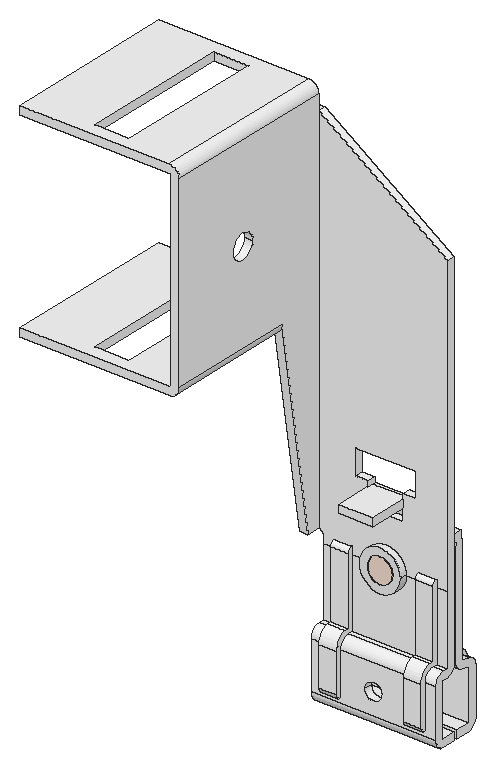
Revit family "CTハンガーH=58アキ右", category 機械設備, Revit 2020
Family settings
  丸型コネクタ寸法 = 直径を使用
  種別 = なし
  パーツ タイプ = 標準
  作業面ベース = いいえ
  常に垂直 = はい
  ロード時にボイドで切り取り = いいえ
  共有 = いいえ
  部屋計算ポイント = いいえ
Parameters
  製造元 = "株式会社桐井製作所"
  既定の高さ = 0 mm
  URL = "https://www.kirii.co.jp/"
  K_材質 = "溶融亜鉛めっき鋼板及び鋼帯 SGCC 一般用"
  K_品名 = "CTハンガーH＝58アキ右"
  K_名称 = "CTハンガー"
  K_入数 = "120"
  K_備考 = "対象Tバー：eT4025、eAT4025"
  K_バージョン情報 = "20220915"
  K_めっき付着量 = "Z12"
  K_JIS規格 = "JIS G 3302"
Reference planes
  plane 1 "中心(正面/背面)": y = 0
  plane 2: z = 0
  plane 3 "中心(左/右)": x = 0
Forms (mm)
  Extrusion 1, void
    sketch origin (0, 2.8, 0) x (-1, 0, 0) y (0, 0, -1)
      loop
        line (-6, -31.356) -> (6, -31.356) -> (6, -26.343) -> (3.5, -26.343) -> (3.5, -21.356) -> (-3.5, -21.356) -> (-3.5, -26.343) -> (-6, -26.343) -> (-6, -31.356)
    from 1.2 to 2.8
  Extrusion 2, void
    sketch origin (0, 1.2, 0) x (1, 0, 0) y (0, 0, -1)
      loop
        arc (-13.5, -14.356) -> (-12.793, -14.063) -> (-12.5, -13.356) r 1
        line (-12.5, -13.356) -> (-12.5, 15.644) -> (-15.1, 15.644) -> (-15.1, -14.356) -> (-13.5, -14.356)
    from -4.2 to 5.8
  Extrusion 3, solid, material "05吊り材"
    sketch origin (0, 0.4, 0) x (0, -1, 0) y (0, 0, 1)
      loop
        line (1.8, -3.544) -> (1.8, -14.044) -> (-1.2, -14.044) -> (-1.2, -15.644) -> (1.4, -15.644)
        arc (1.4, -15.644) -> (2.814, -15.058) -> (3.4, -13.644) r 2
        line (3.4, -13.644) -> (3.4, -3.944)
        arc (3.4, -3.944) -> (2.814, -2.53) -> (1.4, -1.944) r 2
        line (1.4, -1.944) -> (0.4, -1.944) -> (0.4, 11.856) -> (0.4, 89.483) -> (-1.2, 89.483) -> (-1.2, -1.544)
        arc (-1.2, -1.544) -> (-0.614, -2.958) -> (0.8, -3.544) r 2
        line (0.8, -3.544) -> (1.8, -3.544)
    from -12.5 to 15.1
  Extrusion 4, solid, material "05吊り材"
    sketch origin (16, 0.4, 0) x (0, -1, 0) y (0, 0, 1)
      loop
        arc (1.3, 12.456) -> (1.036, 13.093) -> (0.4, 13.356) r 0.9
        line (0.4, 13.356) -> (0.4, -1.944) -> (1.4, -1.944)
        arc (1.4, -1.944) -> (2.814, -2.53) -> (3.4, -3.944) r 2
        line (3.4, -3.944) -> (3.4, -12.644)
        arc (3.4, -12.644) -> (4.036, -12.38) -> (4.3, -11.744) r 0.9
        line (4.3, -11.744) -> (4.3, -3.944)
        arc (4.3, -3.944) -> (3.685, -2.14) -> (2.095, -1.087) r 2.953
        line (2.095, -1.087) -> (1.3, -1.087) -> (1.3, 12.456)
      loop
        line (-4, -1.245) -> (-5.318, -1.633)
        arc (-5.318, -1.633) -> (-6.822, -2.678) -> (-7.4, -4.415) r 2.9
        line (-7.4, -4.415) -> (-7.4, -11.844)
        arc (-7.4, -11.844) -> (-7.166, -12.409) -> (-6.6, -12.644) r 0.8
        line (-6.6, -12.644) -> (-6.6, -4.415)
        arc (-6.6, -4.415) -> (-6.181, -3.157) -> (-5.093, -2.4) r 2.1
        line (-5.093, -2.4) -> (-3.2, -1.844) -> (-3.2, 14.356)
        arc (-3.2, 14.356) -> (-3.766, 14.122) -> (-4, 13.556) r 0.8
        line (-4, 13.556) -> (-4, -1.245)
    from 5.75 to 9.25
  Extrusion 5, void
    sketch origin (0, 43.7, 50.967) x (1, 0, 0) y (0, 0, 1)
      loop
        line (-3.5, -25.623) -> (-12.5, -25.623) -> (-12.5, -29.342) -> (-3.5, -29.342) -> (-3.5, -25.623)
      loop
        line (12.5, -25.623) -> (3.5, -25.623) -> (3.5, -29.342) -> (12.5, -29.342) -> (12.5, -25.623)
    from 40.1 to 51.2
  Extrusion 6, solid, material "05吊り材"
    sketch origin (0, 0.4, 0) x (0, -1, 0) y (0, 0, 1)
      loop
        line (-5, -4.041) -> (-3.107, -3.484)
        arc (-3.107, -3.484) -> (-2.019, -2.728) -> (-1.6, -1.47) r 2.1
        line (-1.6, -1.47) -> (-1.6, 18.356) -> (-1.1, 23.256)
        arc (-1.1, 23.256) -> (-0.954, 23.61) -> (-0.6, 23.756) r 0.5
        line (-0.6, 23.756) -> (7.9, 23.756) -> (7.9, 25.343) -> (-0.6, 25.343)
        arc (-0.6, 25.343) -> (-1.932, 24.867) -> (-2.659, 23.655) r 2.1
        line (-2.659, 23.655) -> (-3.2, 18.356) -> (-3.2, -1.844) -> (-5.093, -2.4)
        arc (-5.093, -2.4) -> (-6.181, -3.157) -> (-6.6, -4.415) r 2.1
        line (-6.6, -4.415) -> (-6.6, -13.544)
        arc (-6.6, -13.544) -> (-5.985, -15.029) -> (-4.5, -15.644) r 2.1
        line (-4.5, -15.644) -> (-2, -15.644) -> (-2, -14.044) -> (-5, -14.044) -> (-5, -4.041)
    from -12.5 to 12.5
  Extrusion 7, solid, material "05吊り材"
    sketch origin (-1, 0.4, 0) x (0, -1, 0) y (0, 0, 1)
      loop
        arc (1.3, 12.456) -> (1.036, 13.093) -> (0.4, 13.356) r 0.9
        line (0.4, 13.356) -> (0.4, -1.944) -> (1.4, -1.944)
        arc (1.4, -1.944) -> (2.814, -2.53) -> (3.4, -3.944) r 2
        line (3.4, -3.944) -> (3.4, -12.644)
        arc (3.4, -12.644) -> (4.036, -12.38) -> (4.3, -11.744) r 0.9
        line (4.3, -11.744) -> (4.3, -3.944)
        arc (4.3, -3.944) -> (3.685, -2.14) -> (2.095, -1.087) r 2.953
        line (2.095, -1.087) -> (1.3, -1.087) -> (1.3, 12.456)
      loop
        line (-4, -1.245) -> (-5.318, -1.633)
        arc (-5.318, -1.633) -> (-6.822, -2.678) -> (-7.4, -4.415) r 2.9
        line (-7.4, -4.415) -> (-7.4, -11.844)
        arc (-7.4, -11.844) -> (-7.166, -12.409) -> (-6.6, -12.644) r 0.8
        line (-6.6, -12.644) -> (-6.6, -4.415)
        arc (-6.6, -4.415) -> (-6.181, -3.157) -> (-5.093, -2.4) r 2.1
        line (-5.093, -2.4) -> (-3.2, -1.844) -> (-3.2, 14.356)
        arc (-3.2, 14.356) -> (-3.766, 14.122) -> (-4, 13.556) r 0.8
        line (-4, 13.556) -> (-4, -1.245)
    from 5.75 to 9.25
  Extrusion 8, solid, material "05吊り材"
    sketch origin (16, 0.4, 0) x (0, -1, 0) y (0, 0, 1)
      loop
        arc (1.3, 12.456) -> (1.036, 13.093) -> (0.4, 13.356) r 0.9
        line (0.4, 13.356) -> (0.4, -1.944) -> (1.4, -1.944)
        arc (1.4, -1.944) -> (2.814, -2.53) -> (3.4, -3.944) r 2
        line (3.4, -3.944) -> (3.4, -12.644)
        arc (3.4, -12.644) -> (4.036, -12.38) -> (4.3, -11.744) r 0.9
        line (4.3, -11.744) -> (4.3, -3.944)
        arc (4.3, -3.944) -> (3.685, -2.14) -> (2.095, -1.087) r 2.953
        line (2.095, -1.087) -> (1.3, -1.087) -> (1.3, 12.456)
      loop
        line (-4, -1.245) -> (-5.318, -1.633)
        arc (-5.318, -1.633) -> (-6.822, -2.678) -> (-7.4, -4.415) r 2.9
        line (-7.4, -4.415) -> (-7.4, -11.844)
        arc (-7.4, -11.844) -> (-7.166, -12.409) -> (-6.6, -12.644) r 0.8
        line (-6.6, -12.644) -> (-6.6, -4.415)
        arc (-6.6, -4.415) -> (-6.181, -3.157) -> (-5.093, -2.4) r 2.1
        line (-5.093, -2.4) -> (-3.2, -1.844) -> (-3.2, 14.356)
        arc (-3.2, 14.356) -> (-3.766, 14.122) -> (-4, 13.556) r 0.8
        line (-4, 13.556) -> (-4, -1.245)
    from 5.75 to 9.25
  Extrusion 9, solid, material "アルミニウム"
    sketch origin (0, 0.4, 5.534) x (-1, 0, 0) y (0, 0, 1)
      loop
        circle (0, 6.436) r 4.1
      loop
        circle (0, 6.436) r 2.499
    from -1.8 to 0
  Extrusion 10, void
    sketch origin (0, 0.4, 5.597) x (-1, 0, 0) y (0, 0, 1)
      loop
        circle (0, 6.373) r 2.5
    from -0.4 to 3.2
  Extrusion 11, solid, material "05吊り材"
    sketch origin (0, 1.6, 0) x (0, -1, 0) y (0, 0, -1)
      loop
        line (11, -56.083) -> (4.377, -14.356) -> (0, -14.356) -> (0, -56.083) -> (11, -56.083)
    from -15.1 to -13.5
  Extrusion 12, void
    sketch origin (0, -33.438, 17.9) x (1, 0, 0) y (0, 1, 0)
      loop
        line (-32.5, 0.9) -> (-25.5, 0.9) -> (-25.5, 30.9) -> (-32.5, 30.9) -> (-32.5, 0.9)
    from 74.983 to 76.583
  Extrusion 13, void
    sketch origin (0, -33.438, -22.1) x (1, 0, 0) y (0, 1, 0)
      loop
        line (-32.5, 0.9) -> (-25.5, 0.9) -> (-25.5, 30.9) -> (-32.5, 30.9) -> (-32.5, 0.9)
    from 75.023 to 76.583
  Extrusion 14, solid, material "05吊り材"
    sketch origin (0, -35, 38.026) x (1, 0, 0) y (0, 0, -1)
      loop
        line (-45.5, -56.456) -> (-15.5, -56.456)
        arc (-15.5, -56.456) -> (-14.086, -55.87) -> (-13.5, -54.456) r 2
        line (-13.5, -54.456) -> (-13.5, -16.856)
        arc (-13.5, -16.856) -> (-14.086, -15.442) -> (-15.5, -14.856) r 2
        line (-15.5, -14.856) -> (-45.5, -14.856) -> (-45.5, -16.456) -> (-15.1, -16.456) -> (-15.1, -54.856) -> (-45.5, -54.856) -> (-45.5, -56.456)
    from 0 to 35
  Extrusion 15, void
    sketch origin (0, -36.563, 37.9) x (0, -1, 0) y (0, 0, -1)
      loop
        circle (-17.5, -35.456) r 2.5
    from -15.1 to -13.5
  Extrusion 16, void
    sketch origin (0, -0.4, 38.026) x (1, 0, 0) y (0, 0, -1)
      loop
        line (-13.5, -51.456) -> (12.5, -51.456) -> (12.5, -33.456) -> (-13.5, -51.456)
    from 0.4 to 2
  Extrusion 17, void
    sketch origin (0, 0, 0) x (1, 0, 0) y (0, 0, 1)
      loop
        circle (0, -9.144) r 1.75
    from 1.4 to 3
  Extrusion 18, void
    sketch origin (0, 8.615, 0) x (1, 0, 0) y (0, 0, 1)
      loop
        circle (0, -9.144) r 1.75
    from 1.615 to 3.215
Cuts and joins
  Extrusion 5, Extrusion 10, Extrusion 18 cuts Extrusion 6
  Extrusion 1, Extrusion 2, Extrusion 10, Extrusion 16, Extrusion 17, Extrusion 18 cuts Extrusion 3
  Extrusion 2, Extrusion 18 cuts Extrusion 11
  Extrusion 12, Extrusion 13, Extrusion 15, Extrusion 18 cuts Extrusion 14
  joined: Extrusion 3, Extrusion 11, Extrusion 14
Dimensions and locks
  aligned and locked: level to plane 2
Nested families
  nested 1: "直吊りハンガー用ビス" at (0, 3.6, 11.97) x (-1, 0, 0) z (0, 0, 1), type "直吊りハンガー用ビス"
Definition of nested family "直吊りハンガー用ビス"
  Parameters (values of type "直吊りハンガー用ビス")
    Manufacturer = "株式会社桐井製作所"
    Default Elevation = 0 mm
    URL = "https://www.kirii.co.jp/"
    K_名称 = "M6×25ボルト"
  Reference planes
    plane 1 "中心(正面/背面)": y = 0
    plane 2: z = 0
    plane 3 "中心(左/右)": x = 0
    plane 4 "正面": y = -5
  Forms (mm)
    Extrusion 1, solid
      sketch origin (0, 0, 0.234) x (1, 0, 0) y (0, 0, 1)
        loop
          circle (-0.011, -0.2) r 2.5
      from 0 to -5
    Revolve 2, solid
      sketch origin (0, 0, 0) x (0, 1, 0) y (0, 0, 1)
        loop
          line (0, 0) -> (-2.299, 0) -> (-2.299, -1.966)
          arc (-2.299, -1.966) -> (-1.904, -2.921) -> (-0.949, -3.316) r 1.35
          line (-0.949, -3.316) -> (0, -3.316) -> (0, 0)
        axis (0, 0) -> (-2.299, 0)
      angle from 0 to 360
  Cuts and joins
    joined: Extrusion 1, Revolve 2
  Dimensions and locks
    aligned and locked: level to plane 2
